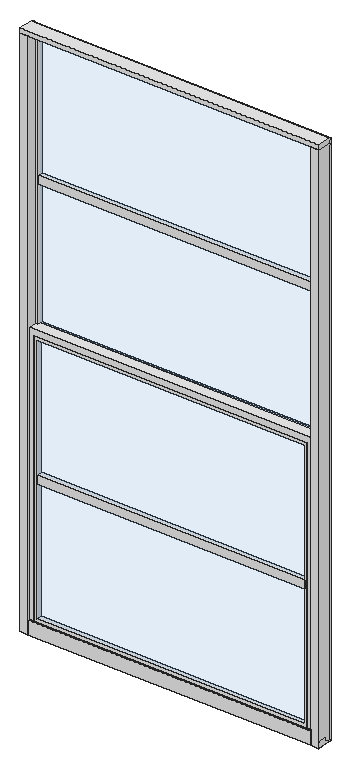
Revit family "Window_Curtain_Wall-Single_Hung-Traco-TR_9100-Heavy_Commercial", category Windows, Revit 2015 (continued)
Definition of nested family "Muntin-Square-Traco-Single"
  Forms (in)
    Sweep 1, solid, material <- "Material", detail levels medium+fine
      profile origin (0, 0, 0) x (0, -1, 0) y (0, 0, 1)
        loop
          line (0.625, 0) -> (0.625, 3) -> (-0.625, 3) -> (-0.625, 0) -> (0.625, 0)
  Lines and regions (in)
    Masking region 1, detail levels medium+fine
      outline origin (0, 0, 0) x (0, 1, 0) y (0, 0, 1)
        loop
          line (0.625, 0) -> (0.625, 3) -> (-0.625, 3) -> (-0.625, 0) -> (0.625, 0)
    Masking region 2, detail levels medium+fine
      outline origin (0, 0, 0) x (1, 0, 0) y (0, 1, 0)
        loop
          line (6, -0.625) -> (6, 0.625) -> (-6, 0.625) -> (-6, -0.625) -> (6, -0.625)
    Masking region 3, detail levels medium+fine
      outline origin (0, 0, 0) x (1, 0, 0) y (0, 0, 1)
        loop
          line (6, 0) -> (6, 3) -> (-6, 3) -> (-6, 0) -> (6, 0)
    symbolic lines, detail levels coarse
      curve 1: line (0, 0, 0) -> (0, 0, 3)
      curve 2: line (-6, 0, 0) -> (6, 0, 0)
      curve 3: line (-6, 0, 0) -> (-6, 0, 3)
      curve 4: line (-6, 0, 3) -> (6, 0, 3)
      curve 5: line (6, 0, 3) -> (6, 0, 0)
    model lines, detail levels coarse
      curve 6: line (-6, 0, 0) -> (6, 0, 0)
  Dimensions and locks (in)
    equal spacing: plane 4 "Left", plane 3 "Center (Left/Right)", plane 5 "Right"
    "Length": plane 4 "Left" to plane 5 "Right"
    equal spacing: plane 6 "Back", plane 1 "Center (Front/Back)", plane 7 "Front"
    "Width Base": plane 7 "Front" to plane 6 "Back"
    equal spacing: plane 8 "Back Inset", plane 1 "Center (Front/Back)", plane 9 "Front Inset"
    "Width Top": plane 9 "Front Inset" to plane 8 "Back Inset"
    locked: plane 11 "Bottom" to plane 2 "Original Bottom" at 0
    "Height": plane 10 "Top" to plane 11 "Bottom"
    equal spacing: plane 10 "Top", plane 12 "Center T/B", plane 11 "Bottom"
    aligned and locked: plane 2 "Original Bottom" to level
    aligned and locked: plane 4 "Left" to Sweep 1 sketch curve
    aligned and locked: Sweep 1 sketch curve to plane 1 "Center (Front/Back)"
    aligned and locked: plane 5 "Right" to Sweep 1 sketch curve
    aligned and locked: plane 7 "Front" to Sweep 1 sketch curve
    aligned and locked: plane 11 "Bottom" to Sweep 1 sketch curve  (x2)
    aligned and locked: plane 6 "Back" to Sweep 1 sketch curve
    aligned and locked: plane 10 "Top" to Sweep 1 sketch curve
    aligned and locked: plane 8 "Back Inset" to Sweep 1 sketch curve
    aligned and locked: plane 9 "Front Inset" to Sweep 1 sketch curve
    aligned and locked: Sweep 1 sketch curve to plane 10 "Top"
    aligned and locked: Masking region 1 sketch curve to plane 11 "Bottom"
    aligned and locked: plane 10 "Top" to Masking region 1 sketch curve
    aligned and locked: plane 8 "Back Inset" to Masking region 1 sketch curve
    aligned and locked: plane 9 "Front Inset" to Masking region 1 sketch curve
    aligned and locked: plane 7 "Front" to Masking region 1 sketch curve
    aligned and locked: plane 6 "Back" to Masking region 1 sketch curve
    aligned and locked: curve 1 to plane 1 "Center (Front/Back)"
    aligned and locked: plane 11 "Bottom" to curve 1
    aligned and locked: plane 10 "Top" to curve 1
    aligned and locked: plane 4 "Left" to curve 2
    aligned and locked: plane 5 "Right" to curve 2
    aligned and locked: plane 1 "Center (Front/Back)" to curve 2
    aligned and locked: Masking region 2 sketch curve to plane 4 "Left"
    aligned and locked: Masking region 2 sketch curve to plane 5 "Right"
    aligned and locked: Masking region 2 sketch curve to plane 6 "Back"
    aligned and locked: Masking region 2 sketch curve to plane 7 "Front"
    aligned and locked: Masking region 3 sketch curve to plane 4 "Left"
    aligned and locked: Masking region 3 sketch curve to plane 5 "Right"
    aligned and locked: plane 11 "Bottom" to Masking region 3 sketch curve
    aligned and locked: Masking region 3 sketch curve to plane 10 "Top"
    aligned and locked: plane 11 "Bottom" to curve 3
    aligned and locked: plane 11 "Bottom" to curve 5
    aligned and locked: curve 5 to plane 5 "Right"
    aligned and locked: curve 3 to plane 4 "Left"
    aligned and locked: curve 4 to plane 10 "Top"
    aligned and locked: plane 5 "Right" to curve 6
    aligned and locked: plane 4 "Left" to curve 6
    aligned and locked: plane 1 "Center (Front/Back)" to curve 6
Definition of nested family "Muntin-Grid-Traco-Lites"
  Parameters
    URL = "http://www.alcoa.com/traco/en/home.asp"
    Sash Height [instance] = 4' - 0"
    Muntin Vertical Count = if((Lite Vertical Count - 1) < 2, 2, (Lite Vertical Count - 1))  # 2
    Muntin Type = Muntin-Trapezoid-Traco-Single : H-081
    Muntin Horizontal Count = if((Lite Horizontal Count - 1) < 2, 2, (Lite Horizontal Count - 1))  # 2
    Material [instance] = none
    Manufacturer = "Traco"  # constant formula
    Lite Vertical Count = 3
    Lite Horizontal Count = 3
    Length [instance] = 4' - 0"
    Has True Muntins = no
    Has Interior Muntins = no
    Has Exterior Muntins = yes
    Glazing Thickness [instance] = 0' - 0 7/8"
    Default Elevation = 4' - 0"
    Copyright © = "2011 Traco"  # constant formula
    CTRL Muntin Vertical Distance [instance] = Sash Height / (Lite Vertical Count)  # 1' - 4"
    CTRL Muntin Horizontal Distance [instance] = Length / (Lite Horizontal Count)  # 1' - 4"
    CTRL Face Offset [instance] = if(Has Interior Muntins, 0' 0 1/4", if(Has Exterior Muntins, Glazing Thickness, Glazing Thickness / 2))  # 0' - 0 7/8"
    CTRL Bar Vertical Visibility [instance] = Lite Vertical Count = 2  # no
    CTRL Bar Horizontal Visibility [instance] = Lite Horizontal Count = 2  # no
    CTRL Array Vertical Visibility [instance] = Lite Vertical Count > 2  # yes
    CTRL Array Horizontal Visibility [instance] = Lite Horizontal Count > 2  # yes
    Assembly Code = "B2020110"
  Reference planes (in)
    plane 1 "Center (Front/Back)": y = 0
    plane 2 "Original  Bottom": z = 0
    plane 3 "Center (Left/Right)": x = 0
    plane 4 "Left": x = -24
    plane 5 "Right": x = 24
    plane 6 "Bottom": z = 0.4375
    plane 7 "Glass Top": z = 0.4375
    plane 8 "Glass Bottom": z = -0.4375
    plane 9 "Back": y = 24
    plane 10 "Front": y = -24
    plane 11 "Bar 1 Vertical": y = -8
    plane 12 "Bar Last Vertical": y = 8
    plane 13 "Bar Last Horizontal": x = 8
    plane 14 "Bar 1 Horizontal": x = -8
  Forms (in)
    Extrusion 1, solid
      sketch origin (0, 0, 0) x (1, 0, 0) y (0, 1, 0)
        loop
          line (-48, 48) -> (-48, -48) -> (48, -48) -> (48, 48) -> (-48, 48)
      from 0 to -12
  Dimensions and locks (in)
    equal spacing: plane 4 "Left", plane 3 "Center (Left/Right)", plane 5 "Right"
    "Length": plane 4 "Left" to plane 5 "Right"
    "Glazing Thickness": plane 7 "Glass Top" to plane 8 "Glass Bottom"
    equal spacing: plane 9 "Back", plane 1 "Center (Front/Back)", plane 10 "Front"
    "Sash Height": plane 10 "Front" to plane 9 "Back"
    "CTRL Muntin Vertical Distance": plane 10 "Front" to plane 11 "Bar 1 Vertical"
    "CTRL Muntin Vertical Distance": plane 12 "Bar Last Vertical" to plane 9 "Back"
    "CTRL Muntin Horizontal Distance": plane 4 "Left" to plane 14 "Bar 1 Horizontal"
    "CTRL Muntin Horizontal Distance": plane 13 "Bar Last Horizontal" to plane 5 "Right"
    equal spacing: plane 7 "Glass Top", plane 2 "Original  Bottom", plane 8 "Glass Bottom"
    group 1 to group 2 = 0' - 0"  (x2)
    group 1 to group 2 = 1' - 4"
    group 3 to group 4 = 1' - 4"
    group 3 to group 4 = 0' - 0"  (x2)
    "CTRL Face Offset": plane 6 "Bottom" to plane 8 "Glass Bottom"
    aligned and locked: plane 2 "Original  Bottom" to Extrusion 1
    aligned and locked: level to Extrusion 1
    aligned and locked: plane 6 "Bottom" to nested 1
    aligned and locked: plane 6 "Bottom" to nested 3
    aligned and locked: plane 6 "Bottom" to nested 2
    aligned and locked: plane 6 "Bottom" to nested 4
    aligned and locked: nested 3 to plane 11 "Bar 1 Vertical"
    aligned and locked: nested 4 to plane 14 "Bar 1 Horizontal"
    aligned and locked: nested 3 to plane 3 "Center (Left/Right)"
    aligned and locked: plane 1 "Center (Front/Back)" to nested 4
    aligned and locked: plane 3 "Center (Left/Right)" to nested 2
    aligned and locked: nested 2 to plane 1 "Center (Front/Back)"
    aligned and locked: plane 1 "Center (Front/Back)" to nested 1
    aligned and locked: plane 3 "Center (Left/Right)" to nested 1
    aligned and locked: nested 5 to plane 3 "Center (Left/Right)"
    aligned and locked: plane 1 "Center (Front/Back)" to nested 6
    aligned and locked: plane 6 "Bottom" to nested 6
    aligned and locked: nested 5 to plane 12 "Bar Last Vertical"
    aligned and locked: nested 6 to plane 13 "Bar Last Horizontal"
    aligned and locked: plane 6 "Bottom" to nested 5
  Automatic sketch dimensions
    Extrusion 1 sketch curve to Extrusion 1 sketch curve = 8' - 0"  (x2)
  Nested families (in)
    nested 1: "Muntin-Trapezoid-Traco-Single" at (0, 0, 0.4375), Length <- "Length", visible <- "CTRL Bar Vertical Visibility", type <- "Muntin Type", Material <- "Material", type "H-081"
      with Material none, Length 4' - 0"
    nested 2: "Muntin-Trapezoid-Traco-Single" at (0, 0, 0.4375) x (0, 1, 0) z (0, 0, 1), Length <- "Sash Height", visible <- "CTRL Bar Horizontal Visibility", type <- "Muntin Type", Material <- "Material", type "H-081"
      with Material none, Length 4' - 0"
    nested 3: "Muntin-Trapezoid-Traco-Single" at (0, -8, 0.4375) x (-1, 0, 0) z (0, 0, 1), Length <- "Length", visible <- "CTRL Array Horizontal Visibility", type <- "Muntin Type", Material <- "Material", type "H-081"
      with Material none, Length 4' - 0"
    nested 4: "Muntin-Trapezoid-Traco-Single" at (-8, 0, 0.4375) x (0, -1, 0) z (0, 0, 1), Length <- "Sash Height", visible <- "CTRL Array Horizontal Visibility", type <- "Muntin Type", Material <- "Material", type "H-081"
      with Material none, Length 4' - 0"
    nested 5: "Muntin-Trapezoid-Traco-Single" at (0, 8, 0.4375) x (-1, 0, 0) z (0, 0, 1), Length <- "Length", visible <- "CTRL Array Horizontal Visibility", type <- "Muntin Type", Material <- "Material", type "H-081"
      with Material none, Length 4' - 0"
    nested 6: "Muntin-Trapezoid-Traco-Single" at (8, 0, 0.4375) x (0, -1, 0) z (0, 0, 1), Length <- "Sash Height", visible <- "CTRL Array Horizontal Visibility", type <- "Muntin Type", Material <- "Material", type "H-081"
      with Material none, Length 4' - 0"
  Definition of nested family "Muntin-Trapezoid-Traco-Single"
    Parameters
      Width Top = 0' - 0 7/16"
      Width Base = 0' - 1"
      URL = "http://www.alcoa.com/traco/en/home.asp"
      Product Page URL = "http://www.alcoa.com/traco/en/product.asp?prod_id=4228"
      Product Documentation Link = "http://www.alcoa.com/traco/en/cad_spec.asp?prod_id=4228&area=prod"
      Material [instance] = none
      Manufacturer = "Traco"  # constant formula
      Length [instance] = 1' - 0"
      Height = 0' - 0 5/8"
      Description = "Trapezoidal Profile"
      Copyright © = "2011 Traco"  # constant formula
    Reference planes (in)
      plane 1 "Center (Front/Back)": y = 0
      plane 2 "Original Bottom": z = 0
      plane 3 "Center (Left/Right)": x = 0
      plane 4 "Left": x = -6
      plane 5 "Right": x = 6
      plane 6 "Back": y = 0.5
      plane 7 "Front": y = -0.5
      plane 8 "Back Inset": y = 0.21875
      plane 9 "Front Inset": y = -0.21875
      plane 10 "Top": z = 0.625
      plane 11 "Bottom": z = 0
    Forms (in)
      Sweep 1, solid, material <- "Material", detail levels medium+fine
        path origin (0, 0, 0) x (0, -1, 0) y (1, 0, 0)
          loop
            line (0, 6) -> (0, -6)
        profile origin (0, 0, 0) x (0, -1, 0) y (0, 0, 1)
          loop
            line (0.5, 0) -> (0.21875, 0.625) -> (-0.21875, 0.625) -> (-0.5, 0) -> (0.5, 0)
    Lines and regions (in)
      Masking region 1, detail levels medium+fine
        outline origin (0, 0, 0) x (0, 1, 0) y (0, 0, 1)
          loop
            line (0.5, 0) -> (0.21875, 0.625) -> (-0.21875, 0.625) -> (-0.5, 0) -> (0.5, 0)
      Masking region 2, detail levels medium+fine
        outline origin (0, 0, 0) x (1, 0, 0) y (0, 1, 0)
          loop
            line (6, -0.5) -> (6, 0.5) -> (-6, 0.5) -> (-6, -0.5) -> (6, -0.5)
      Masking region 3, detail levels medium+fine
        outline origin (0, 0, 0) x (1, 0, 0) y (0, 0, 1)
          loop
            line (6, 0) -> (6, 0.625) -> (-6, 0.625) -> (-6, 0) -> (6, 0)
      symbolic lines, detail levels coarse
        curve 1: line (0, 0, 0) -> (0, 0, 0.625)
        curve 2: line (-6, 0, 0) -> (6, 0, 0)
        curve 3: line (-6, 0, 0) -> (-6, 0, 0.625)
        curve 4: line (-6, 0, 0.625) -> (6, 0, 0.625)
        curve 5: line (6, 0, 0.625) -> (6, 0, 0)
      model lines, detail levels coarse
        curve 6: line (-6, 0, 0) -> (6, 0, 0)
    Dimensions and locks (in)
      equal spacing: plane 4 "Left", plane 3 "Center (Left/Right)", plane 5 "Right"
      "Length": plane 4 "Left" to plane 5 "Right"
      equal spacing: plane 6 "Back", plane 1 "Center (Front/Back)", plane 7 "Front"
      "Width Base": plane 7 "Front" to plane 6 "Back"
      equal spacing: plane 8 "Back Inset", plane 1 "Center (Front/Back)", plane 9 "Front Inset"
      "Width Top": plane 9 "Front Inset" to plane 8 "Back Inset"
      locked: plane 11 "Bottom" to plane 2 "Original Bottom" at 0
      "Height": plane 10 "Top" to plane 11 "Bottom"
      aligned and locked: plane 2 "Original Bottom" to level
      aligned and locked: plane 4 "Left" to Sweep 1 sketch curve
      aligned and locked: Sweep 1 sketch curve to plane 1 "Center (Front/Back)"
      aligned and locked: plane 5 "Right" to Sweep 1 sketch curve
      aligned and locked: plane 7 "Front" to Sweep 1 sketch curve
      aligned and locked: plane 11 "Bottom" to Sweep 1 sketch curve  (x2)
      aligned and locked: plane 6 "Back" to Sweep 1 sketch curve
      aligned and locked: plane 10 "Top" to Sweep 1 sketch curve
      aligned and locked: plane 8 "Back Inset" to Sweep 1 sketch curve
      aligned and locked: plane 9 "Front Inset" to Sweep 1 sketch curve
      aligned and locked: Sweep 1 sketch curve to plane 10 "Top"
      aligned and locked: Masking region 1 sketch curve to plane 11 "Bottom"
      aligned and locked: plane 10 "Top" to Masking region 1 sketch curve
      aligned and locked: plane 8 "Back Inset" to Masking region 1 sketch curve
      aligned and locked: plane 9 "Front Inset" to Masking region 1 sketch curve
      aligned and locked: plane 7 "Front" to Masking region 1 sketch curve
      aligned and locked: plane 6 "Back" to Masking region 1 sketch curve
      aligned and locked: curve 1 to plane 1 "Center (Front/Back)"
      aligned and locked: plane 11 "Bottom" to curve 1
      aligned and locked: plane 10 "Top" to curve 1
      aligned and locked: plane 4 "Left" to curve 2
      aligned and locked: plane 5 "Right" to curve 2
      aligned and locked: plane 1 "Center (Front/Back)" to curve 2
      aligned and locked: Masking region 2 sketch curve to plane 4 "Left"
      aligned and locked: Masking region 2 sketch curve to plane 5 "Right"
      aligned and locked: Masking region 2 sketch curve to plane 6 "Back"
      aligned and locked: Masking region 2 sketch curve to plane 7 "Front"
      aligned and locked: Masking region 3 sketch curve to plane 4 "Left"
      aligned and locked: Masking region 3 sketch curve to plane 5 "Right"
      aligned and locked: plane 11 "Bottom" to Masking region 3 sketch curve
      aligned and locked: Masking region 3 sketch curve to plane 10 "Top"
      aligned and locked: plane 11 "Bottom" to curve 3
      aligned and locked: plane 11 "Bottom" to curve 5
      aligned and locked: curve 5 to plane 5 "Right"
      aligned and locked: curve 3 to plane 4 "Left"
      aligned and locked: curve 4 to plane 10 "Top"
      aligned and locked: plane 5 "Right" to curve 6
      aligned and locked: plane 4 "Left" to curve 6
      aligned and locked: plane 1 "Center (Front/Back)" to curve 6
Types (4): name | Type Comments | Model | Glazing Thickness
  (no name) | "Standard" | "TR-9100" | 0' - 1"
  TR-9100 - SH | "Standard" | "TR-9100" | 0' - 1"
  TR-9100 - SH - w/Class 5 Balances | "Jambs for AAMA 902 Class 5 Balances" | "TR-9100U" | 0' - 1"
  TR-9100 - SH - Single Glazed | "Single Glazed" | "TR-9100" | 0' - 0 1/4"
